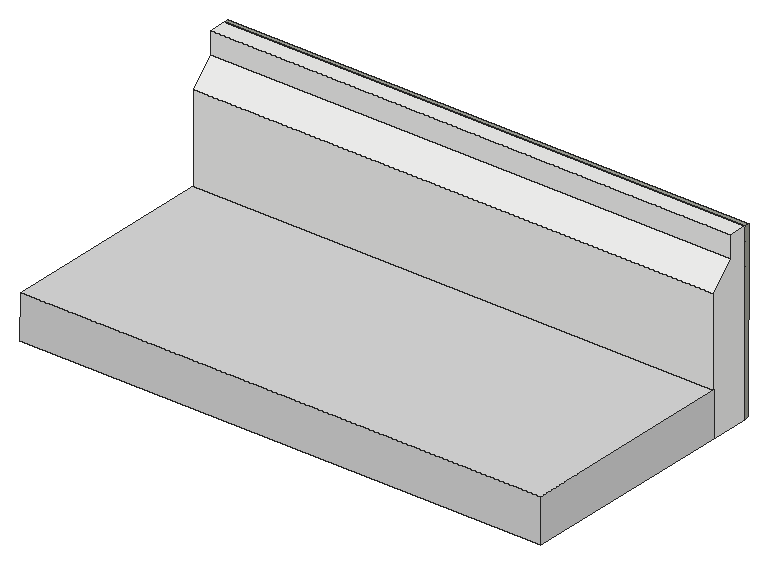
Revit family "Legalett_Linatex_L-Kantelement", category Structural Foundations, Revit 2023
Family settings
  Material for Model Behavior = Other
  Cap = No
  OmniClass Number = 23.25.05.00
  OmniClass Title = Foundations
  Work Plane-Based = No
  Always vertical = Yes
  Cut with Voids When Loaded = No
  Shared = No
  Show family pre-cut in plan views = Yes
Parameters (values of type "L400 Linatex S200")
  Width = 500 mm
  Type Comments = "21200-400"
  Thickness foot = 100 mm
  Thickness = 100 mm
  Structural Material = Default
  Model = "Kantelement L400 Linatex S200"
  Manufacturer = "Legalett"
  Length [instance] = 1200 mm
  Keynote = ""
  Foundation Thickness = 400 mm
  Foundation Length [instance] = Length  # 1200 mm
  Description = ""
  Assembly Code = ""
Types (4, lengths in mm): name | Type Comments | Model | Foundation Thickness
  L300 Linatex S200 | "21200-300" | "Kantelement L300 Linatex S200" | 300
  L400 Linatex S200 | "21200-400" | "Kantelement L400 Linatex S200" | 400
  L450 Linatex S200 | "21200-450" | "Kantelement L450 Linatex S200" | 450
  L500 Linatex S200 | "21200-500" | "Kantelement L500 Linatex S200" | 500
Reference planes
  plane 1 "Center (Front/Back)": y = 0
  plane 2: z = 0
  plane 3 "Center (Left/Right)": x = 0
  plane 4: x = -600
  plane 5: x = 600
  plane 6: y = -275
  plane 7: z = 400
  plane 8: z = 350
  plane 9: z = 300
  plane 10: y = 225
  plane 11: y = 325
Forms (mm)
  Extrusion 1, solid, material "EPS100"
    sketch origin (0, 0, 0) x (0, 1, 0) y (0, 0, 1)
      loop
        line (275, 350) -> (225, 300) -> (225, 0) -> (315, 0) -> (315, 400) -> (275, 400) -> (275, 350)
    from -600 to 600
  Extrusion 2, solid, material "element betong"
    sketch origin (0, 0, 0) x (0, 1, 0) y (0, 0, 1)
      loop
        line (325, 400) -> (315, 400) -> (315, 0) -> (325, 0) -> (325, 400)
    from -600 to 600
  Extrusion 3, solid, material "EPS200"
    sketch origin (0, 0, 0) x (0, 1, 0) y (0, 0, 1)
      loop
        line (225, 0) -> (225, 100) -> (-275, 100) -> (-275, 0) -> (225, 0)
    from -600 to 600
Dimensions and locks
  equal spacing: plane 4, plane 3 "Center (Left/Right)", plane 5
  "Length": plane 4 to plane 5
  plane 1 "Center (Front/Back)" to plane 6 = 275 mm
  locked: Extrusion 1 sketch curve to Extrusion 1 sketch curve at 50
  locked: plane 9 to Extrusion 1 sketch curve at 50
  "Thickness": plane 11 to plane 10
  "Foundation Thickness": plane 7 to level
  locked: plane 7 to plane 9 at 100
  "Thickness foot": Extrusion 3 to Extrusion 3
  "Width": plane 10 to plane 6
  aligned and locked: plane 2 to level
  aligned and locked: plane 5 to Extrusion 2
  aligned and locked: Extrusion 2 to plane 4
  aligned and locked: Extrusion 1 to plane 4
  aligned and locked: plane 5 to Extrusion 1
  aligned and locked: plane 7 to Extrusion 2 sketch curve
  aligned and locked: Extrusion 2 sketch curve to plane 2
  aligned and locked: Extrusion 1 to Extrusion 3
  aligned and locked: Extrusion 1 to plane 10
  aligned and locked: Extrusion 2 to Extrusion 1
  aligned and locked: Extrusion 1 to level
  aligned and locked: plane 11 to Extrusion 2
  aligned and locked: Extrusion 3 to plane 4
  aligned and locked: plane 5 to Extrusion 3
  aligned and locked: Extrusion 3 to level
Automatic sketch dimensions
  Extrusion 3 sketch curve to level = 0 mm
  Extrusion 3 sketch curve to plane 6 = 0 mm
  level to Extrusion 3 sketch curve = 100 mm
  Extrusion 3 sketch curve to plane 10 = 0 mm
  Extrusion 2 sketch curve to plane 11 = 0 mm
  plane 11 to Extrusion 2 sketch curve = 10 mm
  Extrusion 1 sketch curve to level = 0 mm
  Extrusion 1 sketch curve to plane 10 = 0 mm
  plane 9 to Extrusion 1 sketch curve = 0 mm
  plane 11 to Extrusion 1 sketch curve = 10 mm
  plane 10 to Extrusion 1 sketch curve = 50 mm
